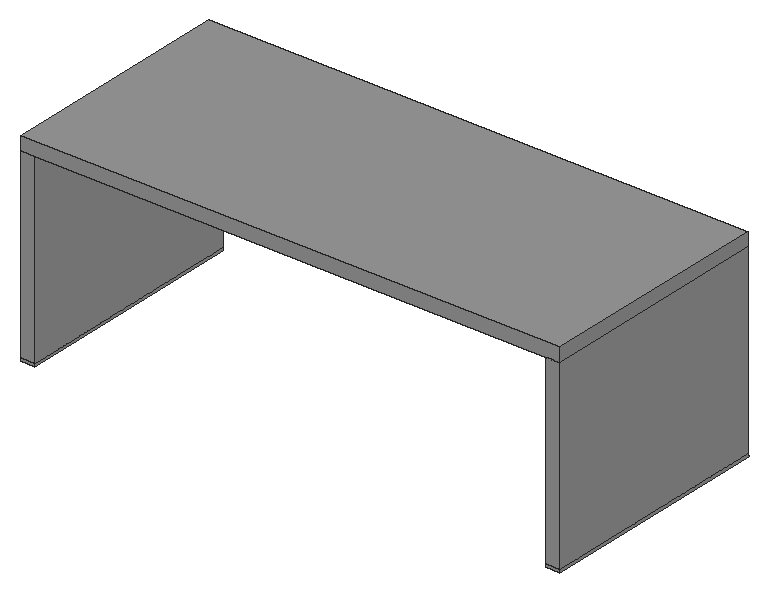
Revit family "Cocoon Community Table 42x96x36", category Generic Models, Revit 2018
Family settings
  Can host rebar = No
  Round Connector Dimension = Use Diameter
  Part Type = Normal
  Work Plane-Based = No
  Always vertical = Yes
  Cut with Voids When Loaded = No
  Shared = No
  Room Calculation Point = No
Parameters
  Frame = Cocoon Community Table 42x96x36 Frame
  Surface = Cocoon Community Table 42x96x36 Surface
Reference planes (in)
  plane 1 "Center (Front/Back)": y = 0
  plane 2: z = 0
  plane 3 "Center (Left/Right)": x = 0
Forms (in)
  Extrusion 1, solid, material "Cocoon Community Table 42x96x36 Frame" <- "Frame"
    sketch origin (0, 0, 0) x (1, 0, 0) y (0, 0, 1)
      loop
        line (-48, 0.5) -> (-48, 0) -> (-45.5, 0) -> (-45.5, 0.5) -> (-48, 0.5)
      loop
        line (48, 0.5) -> (45.5, 0.5) -> (45.5, 0) -> (48, 0) -> (48, 0.5)
    from -21 to 21
  Extrusion 2, solid, material "Cocoon Community Table 42x96x36 Surface" <- "Surface"
    sketch origin (0, 0, 7) x (1, 0, 0) y (0, 0, 1)
      loop
        line (-48, 29) -> (-48, 26.5) -> (48, 26.5) -> (48, 29) -> (-48, 29)
    from -21 to 21
  Extrusion 3, solid, material "Cocoon Community Table 42x96x36 Frame" <- "Frame"
    sketch origin (0, 0, 0) x (1, 0, 0) y (0, 0, 1)
      loop
        line (-48, 33.5) -> (-48, 0.5) -> (-45.5, 0.5) -> (-45.5, 33.5) -> (-48, 33.5)
      loop
        line (45.5, 33.5) -> (45.5, 0.5) -> (48, 0.5) -> (48, 33.5) -> (45.5, 33.5)
    from -21 to 21
  Extrusion 4, solid, material "Cocoon Community Table 42x96x36 Frame" <- "Frame"
    sketch origin (0, -90.74848, -14.58144) x (0, 1, 0) y (0, 0, 1)
      loop
        line (91.99848, 48.08144) -> (89.49848, 48.08144) -> (89.49848, 36.08144) -> (91.99848, 36.08144) -> (91.99848, 48.08144)
    from -45.5 to 45.5
Dimensions and locks (in)
  aligned and locked: level to plane 2
